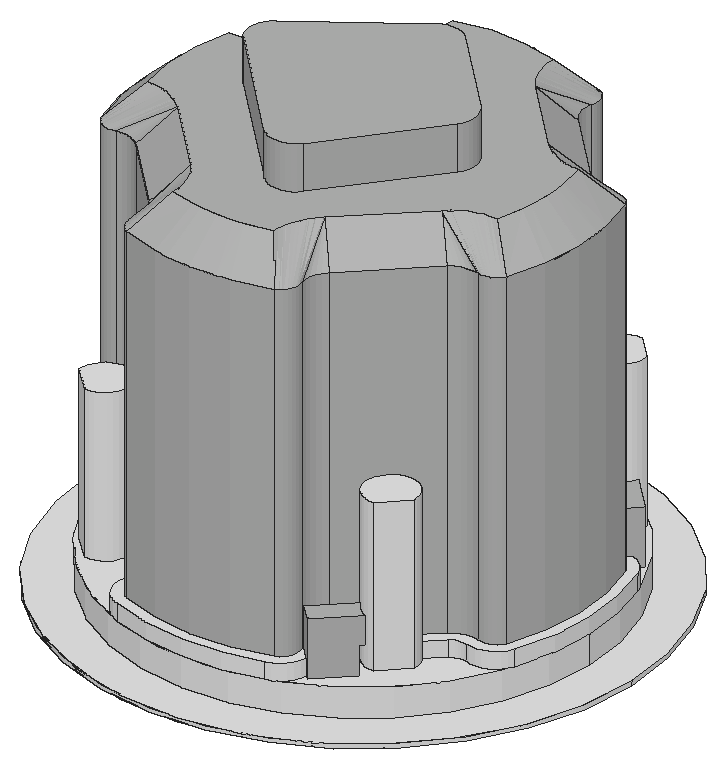
Revit family "CVS401", category Communication Devices, Revit 2020
Family settings
  Maintain Annotation Orientation = No
  Round Connector Dimension = Use Diameter
  Part Type = Normal
  Work Plane-Based = Yes
  Always vertical = No
  Cut with Voids When Loaded = Yes
  Shared = No
  Room Calculation Point = No
Parameters
  White [instance] = yes
  Weight (kg) [instance] = 2.77  # constant formula
  Thickness [instance] = 12 mm
  Taps [instance] = "25, 12.5, 6.3, 3.2"  # constant formula
  Sensitivity [instance] = 84  # constant formula
  SPL Max (Peak) [instance] = 105  # constant formula
  Power Handling (Average) [instance] = 30  # constant formula
  Model = "CVS401"
  Manufacturer = "Tannoy"
  Impedance [instance] = 8  # constant formula
  Default Elevation = 0 mm
  Black [instance] = not(White)  # no
Reference planes
  plane 1 "Center (Front/Back)": y = 0
  plane 2: z = 0
  plane 3 "Center (Left/Right)": x = 0
Forms (mm)
  Extrusion 1, solid, not visible
    sketch origin (0, 0, 0) x (1, 0, 0) y (0, 1, 0)
      loop
        line (-500, 500) -> (-500, -500) -> (500, -500) -> (500, 500) -> (-500, 500)
    from 0 to 12 <- "Thickness"
  Extrusion 2, void
    sketch origin (0, 0, 0) x (1, 0, 0) y (0, 1, 0)
      loop
        circle (0, 0) r 86
    from 0 to 12 <- "Thickness"
Cuts and joins
  Extrusion 2 cuts Extrusion 1
Lines and regions (mm)
  model lines, detail levels coarse
    curve 1: circle (0, 0, 0) r 99.899 normal (0, 0, 1)
Dimensions and locks
  aligned and locked: level to plane 2
Nested families
  nested 1: "CVS401 - base2" at (0, 0, 0), White <- "White", Thickness <- "Thickness", type "CVS401 - base2", detail levels medium+fine
    with White yes, Thickness 12 mm, Black no
Connectors
  electrical at (0.616, 0.407, 166.265)
    settings: on nested 1, index 1, voltage 0 V, apparent load 0 VA, apparent load phase1 0 VA, apparent load phase2 0 VA, apparent load phase3 0 VA, power factor 1, load classification "Other", number of poles 1, system type 14, power factor state 1, is connector primary yes, connector utility no, sub classification motor no, connector description "Speaker In - 2pin"
Definition of nested family "CVS401 - base2"
  Parameters (values of type "CVS401 - base2")
    White [instance] = yes
    Thickness [instance] = 12 mm
    Model = "CVS401"
    Manufacturer = "Tannoy"
    Default Elevation = 0 mm
    Black [instance] = not(White)  # no
  Reference planes
    plane 1 "Center (Front/Back)": y = 0
    plane 2: z = 0
    plane 3 "Center (Left/Right)": x = 0
  Dimensions and locks
    aligned and locked: level to plane 2
  Nested families
    nested 1: "CVS401 - base1 - Black" at (0, 0, 0), visible <- "Black", Thickness <- "Thickness", type "CVS401 - base1 - Black"
      with Thickness 12 mm
    nested 2: "CVS401 - base1 - White" at (0, 0, 0), visible <- "White", Thickness <- "Thickness", type "CVS401 - base1 - White"
      with Thickness 12 mm
  Definition of nested family "CVS401 - base1 - Black"
    Parameters (values of type "CVS401 - base1 - Black")
      Thickness [instance] = 12 mm
      Model = "CVS401"
      Manufacturer = "Tannoy"
      Default Elevation = 0 mm
    Reference planes
      plane 1 "Center (Front/Back)": y = 0
      plane 2: z = 0
      plane 3 "Center (Left/Right)": x = 0
      plane 4 "Driver Plane": z = -1.5
      plane 5 "Back of Can": z = 150.265
    Forms (mm)
      Extrusion 1, solid
        sketch origin (0, 0, 0) x (1, 0, 0) y (0, 1, 0)
          loop
            circle (0, 0) r 99.899
        from 0 to -1.546
      Blend 2, solid
        base sketch origin (0, 0, 0) x (1, 0, 0) y (0, 1, 0)
          loop
            circle (0, 0) r 99.899
        top sketch origin (0, 0, 0) x (1, 0, 0) y (0, 1, 0)
          loop
            circle (0, 0) r 80.6
        from -1.227 to -5.478
      Revolve 3, solid
        sketch origin (0, 0, 0) x (0, 1, 0) y (0, 0, 1)
          loop
            line (0, -5.478) -> (0, -13.608)
            arc (0, -13.608) -> (39.619, -11.742) -> (78.849, -5.901) r 393.815
            line (78.849, -5.901) -> (79.553, -5.478) -> (0, -5.478)
          axis (0, -13.608) -> (0, -5.478)
        angle from 0 to 360
      Extrusion 4, solid
        sketch origin (0, 0, 0) x (1, 0, 0) y (0, 1, 0)
          loop
            circle (0, -0.189) r 84.441
        from 0 to 10.367
      Extrusion 5, solid
        sketch origin (0, -0.246, 0) x (1, 0, 0) y (0, 1, 0)
          loop
            arc (79.473, -28.479) -> (84.441, 0.246) -> (79.344, 28.949) r 84.441
            arc (79.344, 28.949) -> (74.114, 34.749) -> (66.325, 35.331) r 10.498
            arc (66.325, 35.331) -> (63.42, 35.336) -> (60.907, 36.794) r 5.603
            line (60.907, 36.794) -> (36.566, 61.189)
            arc (36.566, 61.189) -> (35.202, 63.593) -> (35.259, 66.356) r 5.213
            arc (35.259, 66.356) -> (34.743, 74.146) -> (28.951, 79.38) r 10.396
            arc (28.951, 79.38) -> (0, 84.498) -> (-28.951, 79.38) r 84.441
            arc (-28.951, 79.38) -> (-34.743, 74.146) -> (-35.259, 66.356) r 10.396
            arc (-35.259, 66.356) -> (-35.202, 63.593) -> (-36.566, 61.189) r 5.213
            line (-36.566, 61.189) -> (-60.907, 36.794)
            arc (-60.907, 36.794) -> (-63.42, 35.336) -> (-66.325, 35.331) r 5.603
            arc (-66.325, 35.331) -> (-74.114, 34.749) -> (-79.344, 28.949) r 10.498
            arc (-79.344, 28.949) -> (-84.441, 0.246) -> (-79.473, -28.479) r 84.441
            arc (-79.473, -28.479) -> (-74.195, -34.367) -> (-66.306, -34.901) r 10.498
            arc (-66.306, -34.901) -> (-63.42, -34.9) -> (-60.92, -36.343) r 5.572
            line (-60.92, -36.343) -> (-36.57, -60.693)
            arc (-36.57, -60.693) -> (-35.215, -63.052) -> (-35.233, -65.773) r 5.213
            arc (-35.233, -65.773) -> (-34.392, -74.503) -> (-27.41, -79.811) r 10.943
            arc (-27.41, -79.811) -> (0, -84.384) -> (27.41, -79.811) r 84.441
            arc (27.41, -79.811) -> (34.392, -74.503) -> (35.233, -65.773) r 10.943
            arc (35.233, -65.773) -> (35.215, -63.052) -> (36.57, -60.693) r 5.213
            line (36.57, -60.693) -> (60.92, -36.343)
            arc (60.92, -36.343) -> (63.42, -34.9) -> (66.306, -34.901) r 5.572
            arc (66.306, -34.901) -> (74.195, -34.367) -> (79.473, -28.479) r 10.498
        from 10.367 to 16.164
      Extrusion 6, solid
        sketch origin (0, 0, 0) x (1, 0, 0) y (0, 1, 0)
          loop
            arc (75.694, -27.623) -> (80.576, 0) -> (75.694, 27.623) r 80.576
            arc (75.694, 27.623) -> (72.163, 30.742) -> (67.462, 31.055) r 7.303
            arc (67.462, 31.055) -> (62.373, 31.055) -> (57.967, 33.599) r 9.83
            line (57.967, 33.599) -> (33.597, 57.969)
            arc (33.597, 57.969) -> (31.065, 62.338) -> (31.022, 67.387) r 9.885
            arc (31.022, 67.387) -> (30.867, 72.235) -> (27.509, 75.735) r 6.769
            arc (27.509, 75.735) -> (0, 80.577) -> (-27.508, 75.735) r 80.576
            arc (-27.508, 75.735) -> (-30.867, 72.235) -> (-31.022, 67.387) r 6.769
            arc (-31.022, 67.387) -> (-31.065, 62.338) -> (-33.597, 57.969) r 9.885
            line (-33.597, 57.969) -> (-57.967, 33.599)
            arc (-57.967, 33.599) -> (-62.373, 31.055) -> (-67.462, 31.055) r 9.83
            arc (-67.462, 31.055) -> (-72.163, 30.742) -> (-75.694, 27.623) r 7.303
            arc (-75.694, 27.623) -> (-80.576, 0) -> (-75.694, -27.623) r 80.576
            arc (-75.694, -27.623) -> (-72.163, -30.742) -> (-67.462, -31.055) r 7.303
            arc (-67.462, -31.055) -> (-62.373, -31.055) -> (-57.967, -33.599) r 9.83
            line (-57.967, -33.599) -> (-33.597, -57.969)
            arc (-33.597, -57.969) -> (-31.065, -62.338) -> (-31.022, -67.387) r 9.885
            arc (-31.022, -67.387) -> (-30.867, -72.235) -> (-27.509, -75.735) r 6.769
            arc (-27.509, -75.735) -> (0, -80.576) -> (27.509, -75.735) r 80.576
            arc (27.509, -75.735) -> (30.867, -72.235) -> (31.022, -67.387) r 6.769
            arc (31.022, -67.387) -> (31.065, -62.338) -> (33.597, -57.969) r 9.885
            line (33.597, -57.969) -> (57.967, -33.599)
            arc (57.967, -33.599) -> (62.373, -31.055) -> (67.462, -31.055) r 9.83
            arc (67.462, -31.055) -> (72.163, -30.742) -> (75.694, -27.623) r 7.303
        from 16.164 to 138.478
      Blend 7, solid
        base sketch origin (0, 0, 0) x (1, 0, 0) y (0, 1, 0)
          loop
            arc (75.694, -27.623) -> (80.576, 0) -> (75.694, 27.623) r 80.576
            arc (75.694, 27.623) -> (72.163, 30.742) -> (67.462, 31.055) r 7.303
            arc (67.462, 31.055) -> (62.373, 31.055) -> (57.967, 33.599) r 9.83
            line (57.967, 33.599) -> (33.597, 57.969)
            arc (33.597, 57.969) -> (31.065, 62.338) -> (31.022, 67.387) r 9.885
            arc (31.022, 67.387) -> (30.867, 72.235) -> (27.509, 75.735) r 6.769
            arc (27.509, 75.735) -> (0, 80.577) -> (-27.508, 75.735) r 80.576
            arc (-27.508, 75.735) -> (-30.867, 72.235) -> (-31.022, 67.387) r 6.769
            arc (-31.022, 67.387) -> (-31.065, 62.338) -> (-33.597, 57.969) r 9.885
            line (-33.597, 57.969) -> (-57.967, 33.599)
            arc (-57.967, 33.599) -> (-62.373, 31.055) -> (-67.462, 31.055) r 9.83
            arc (-67.462, 31.055) -> (-72.163, 30.742) -> (-75.694, 27.623) r 7.303
            arc (-75.694, 27.623) -> (-80.576, 0) -> (-75.694, -27.623) r 80.576
            arc (-75.694, -27.623) -> (-72.163, -30.742) -> (-67.462, -31.055) r 7.303
            arc (-67.462, -31.055) -> (-62.373, -31.055) -> (-57.967, -33.599) r 9.83
            line (-57.967, -33.599) -> (-33.597, -57.969)
            arc (-33.597, -57.969) -> (-31.065, -62.338) -> (-31.022, -67.387) r 9.885
            arc (-31.022, -67.387) -> (-30.867, -72.235) -> (-27.509, -75.735) r 6.769
            arc (-27.509, -75.735) -> (0, -80.576) -> (27.509, -75.735) r 80.576
            arc (27.509, -75.735) -> (30.867, -72.235) -> (31.022, -67.387) r 6.769
            arc (31.022, -67.387) -> (31.065, -62.338) -> (33.597, -57.969) r 9.885
            line (33.597, -57.969) -> (57.967, -33.599)
            arc (57.967, -33.599) -> (62.373, -31.055) -> (67.462, -31.055) r 9.83
            arc (67.462, -31.055) -> (72.163, -30.742) -> (75.694, -27.623) r 7.303
        top sketch origin (0, 0, 0) x (1, 0, 0) y (0, 1, 0)
          loop
            arc (65.182, -18.745) -> (67.823, 0) -> (65.182, 18.745) r 67.823
            arc (65.182, 18.745) -> (56.575, 20.172) -> (49.269, 24.942) r 21.224
            line (49.269, 24.942) -> (24.912, 49.299)
            arc (24.912, 49.299) -> (20.156, 56.591) -> (18.742, 65.183) r 21.139
            arc (18.742, 65.183) -> (0, 67.823) -> (-18.742, 65.183) r 67.823
            arc (-18.742, 65.183) -> (-20.156, 56.591) -> (-24.912, 49.299) r 21.139
            line (-24.912, 49.299) -> (-49.269, 24.942)
            arc (-49.269, 24.942) -> (-56.575, 20.172) -> (-65.182, 18.745) r 21.224
            arc (-65.182, 18.745) -> (-67.823, 0) -> (-65.182, -18.745) r 67.823
            arc (-65.182, -18.745) -> (-56.575, -20.172) -> (-49.269, -24.942) r 21.224
            line (-49.269, -24.942) -> (-24.912, -49.299)
            arc (-24.912, -49.299) -> (-20.156, -56.591) -> (-18.742, -65.182) r 21.139
            arc (-18.742, -65.182) -> (0, -67.823) -> (18.742, -65.182) r 67.823
            arc (18.742, -65.182) -> (20.156, -56.591) -> (24.912, -49.299) r 21.139
            line (24.912, -49.299) -> (49.269, -24.942)
            arc (49.269, -24.942) -> (56.575, -20.172) -> (65.182, -18.745) r 21.224
        from 138.478 to 150.265
      Extrusion 8, solid
        sketch origin (34.681, 34.878, 0) x (1, 0, 0) y (0, 1, 0)
          loop
            arc (-88.438, -97.595) -> (-81.793, -82.078) -> (-96.981, -89.445) r 9.009
            line (-96.981, -89.445) -> (-88.438, -97.595)
        from 14.946 to 71.12
      Extrusion 9, solid
        sketch origin (-51.825, -178.591, 0) x (0.713265, -0.700895, 0) y (0, 0, 1)
          loop
            line (-88.596, 32) -> (-113.596, 32) -> (-113.596, 12) -> (-98.596, 12) -> (-98.596, 22) -> (-88.596, 22) -> (-88.596, 32)
        from -91.756 to -84.082
      Extrusion 10, solid
        sketch origin (-35.265, 34.295, 0) x (0, 1, 0) y (-1, 0, 0)
          loop
            arc (-88.438, -97.596) -> (-81.792, -82.077) -> (-96.982, -89.445) r 9.01
            line (-96.982, -89.445) -> (-88.438, -97.596)
        from 14.946 to 71.12
      Extrusion 11, solid
        sketch origin (178.204, -52.211, 0) x (0.700895, 0.713265, 0) y (0, 0, 1)
          loop
            line (-88.596, 32) -> (-113.596, 32) -> (-113.596, 12) -> (-98.596, 12) -> (-98.596, 22) -> (-88.596, 22) -> (-88.596, 32)
        from -91.756 to -84.082
      Extrusion 12, solid
        sketch origin (-34.681, -35.264, 0) x (-1, 0, 0) y (0, -1, 0)
          loop
            arc (-88.438, -97.596) -> (-81.792, -82.078) -> (-96.981, -89.445) r 9.01
            line (-96.981, -89.445) -> (-88.438, -97.596)
        from 14.946 to 71.12
      Extrusion 13, solid
        sketch origin (51.825, 178.205, 0) x (-0.713265, 0.700895, 0) y (0, 0, 1)
          loop
            line (-88.596, 32) -> (-113.596, 32) -> (-113.596, 12) -> (-98.596, 12) -> (-98.596, 22) -> (-88.596, 22) -> (-88.596, 32)
        from -91.756 to -84.082
      Extrusion 14, solid
        sketch origin (35.266, -34.68, 0) x (0, -1, 0) y (1, 0, 0)
          loop
            arc (-88.438, -97.595) -> (-81.793, -82.078) -> (-96.981, -89.445) r 9.009
            line (-96.981, -89.445) -> (-88.438, -97.595)
        from 14.946 to 71.12
      Extrusion 15, solid
        sketch origin (-178.203, 51.826, 0) x (-0.700895, -0.713265, 0) y (0, 0, 1)
          loop
            line (-88.596, 32) -> (-113.596, 32) -> (-113.596, 12) -> (-98.596, 12) -> (-98.596, 22) -> (-88.596, 22) -> (-88.596, 32)
        from -91.756 to -84.082
      Extrusion 16, solid
        sketch origin (0, 0, 150.265) x (0, -1, 0) y (1, 0, 0)
          loop
            arc (-10.565, -40.972) -> (-3.843, -44.661) -> (3.35, -42.002) r 9.238
            line (3.35, -42.002) -> (42.211, -3.141)
            arc (42.211, -3.141) -> (44.87, 4.051) -> (41.18, 10.774) r 9.238
            line (41.18, 10.774) -> (4.004, 38.505)
            arc (4.004, 38.505) -> (-2.063, 40.256) -> (-7.779, 37.573) r 8.964
            line (-7.779, 37.573) -> (-37.364, 7.988)
            arc (-37.364, 7.988) -> (-40.048, 2.272) -> (-38.297, -3.795) r 8.964
            line (-38.297, -3.795) -> (-10.565, -40.972)
        from 0 to 16
    Lines and regions (mm)
      model lines
        curve 1: line (55.402, 1.804, 150.265) -> (8.066, -61.652, 150.265)
        curve 2: arc (8.066, -61.652, 150.265) -> (0.701, -65.675, 150.265) -> (-7.153, -62.718, 150.265) r 10.066
        curve 3: line (-7.153, -62.718, 150.265) -> (-62.251, -7.104, 150.265)
        curve 4: arc (-62.251, -7.104, 150.265) -> (-65.148, 0.701, 150.265) -> (-61.193, 8.026, 150.265) r 10.089
        curve 5: arc (55.402, 1.804, 150.265) -> (57.371, 8.483, 150.265) -> (54.52, 14.837, 150.265) r 10.038
        curve 6: line (54.52, 14.837, 150.265) -> (15.051, 54.305, 150.265)
        curve 7: line (2.013, 55.193, 150.265) -> (-61.444, 7.858, 150.265)
        curve 8: arc (-61.444, 7.858, 150.265) -> (-65.466, 0.492, 150.265) -> (-62.509, -7.362, 150.265) r 10.066
        curve 9: arc (2.013, 55.193, 150.265) -> (8.696, 57.162, 150.265) -> (15.051, 54.305, 150.265) r 10.038
        curve 10: circle (-19.584, 1.546, 166.265) r 10.565 normal (0, 0, 1)
        curve 11: circle (1.755, -19.793, 166.265) r 10.565 normal (0, 0, -1)
    Dimensions and locks
      "Thickness": Extrusion 1 to Extrusion 9 sketch curve
      locked: Extrusion 9 sketch curve to Extrusion 9 sketch curve at 20
      locked: Extrusion 11 sketch curve to Extrusion 11 sketch curve at 20
      locked: Extrusion 13 sketch curve to Extrusion 13 sketch curve at 20
      locked: Extrusion 15 sketch curve to Extrusion 15 sketch curve at 20
      "Thickness": Extrusion 15 sketch curve to Extrusion 1
      "Thickness": Extrusion 11 sketch curve to Extrusion 1
      "Thickness": Extrusion 13 sketch curve to level
      aligned and locked: level to plane 2
    Automatic sketch dimensions
      plane 1 "Center (Front/Back)" to Blend 2 sketch curve = 0 mm  (x2)
      Blend 2 sketch curve to plane 3 "Center (Left/Right)" = 0 mm  (x2)
      plane 3 "Center (Left/Right)" to curve 7 = 2.013 mm
      curve 7 to plane 1 "Center (Front/Back)" = 55.193 mm
      plane 3 "Center (Left/Right)" to curve 6 = 15.051 mm
      curve 9 to curve 6 = 0.888 mm
      plane 3 "Center (Left/Right)" to curve 9 = 8.014 mm
      curve 6 to plane 1 "Center (Front/Back)" = 14.837 mm
      curve 7 to plane 1 "Center (Front/Back)" = 7.858 mm
      curve 5 to plane 1 "Center (Front/Back)" = 7.806 mm
      curve 1 to plane 1 "Center (Front/Back)" = 1.804 mm
      plane 1 "Center (Front/Back)" to curve 4 = 0.003 mm
      plane 1 "Center (Front/Back)" to curve 8 = 0.211 mm
      plane 1 "Center (Front/Back)" to curve 3 = 7.104 mm
      curve 2 to plane 3 "Center (Left/Right)" = 0.002 mm
      plane 3 "Center (Left/Right)" to curve 1 = 8.066 mm
      curve 2 to curve 1 = 6.019 mm
      curve 3 to plane 3 "Center (Left/Right)" = 7.153 mm
      curve 8 to curve 4 = 0.341 mm
      curve 7 to curve 8 = 6.019 mm
      curve 3 to curve 8 = 6.826 mm
      plane 3 "Center (Left/Right)" to curve 5 = 47.356 mm
      curve 5 to curve 6 = 7.164 mm
      curve 4 to curve 8 = 0.168 mm
      curve 3 to curve 8 = 0.259 mm
      Extrusion 16 sketch curve to plane 3 "Center (Left/Right)" = 3.795 mm
      Extrusion 16 sketch curve to plane 1 "Center (Front/Back)" = 38.297 mm
      plane 3 "Center (Left/Right)" to Extrusion 16 sketch curve = 1.565 mm
      Extrusion 16 sketch curve to Extrusion 16 sketch curve = 7.185 mm  (x2)
      Extrusion 16 sketch curve to plane 1 "Center (Front/Back)" = 10.565 mm
      Extrusion 16 sketch curve to plane 1 "Center (Front/Back)" = 3.16 mm
      Extrusion 16 sketch curve to plane 1 "Center (Front/Back)" = 1.356 mm
      plane 1 "Center (Front/Back)" to Extrusion 16 sketch curve = 3.35 mm
      plane 1 "Center (Front/Back)" to Extrusion 16 sketch curve = 4.004 mm
      plane 3 "Center (Left/Right)" to Extrusion 16 sketch curve = 3.369 mm
      plane 1 "Center (Front/Back)" to Extrusion 16 sketch curve = 35.657 mm
      plane 3 "Center (Left/Right)" to Extrusion 16 sketch curve = 10.774 mm
      Extrusion 16 sketch curve to Extrusion 16 sketch curve = 5.524 mm  (x2)
      Extrusion 16 sketch curve to plane 3 "Center (Left/Right)" = 3.141 mm
      Extrusion 16 sketch curve to plane 3 "Center (Left/Right)" = 35.448 mm
      plane 3 "Center (Left/Right)" to Extrusion 16 sketch curve = 31.32 mm
      plane 3 "Center (Left/Right)" to Extrusion 16 sketch curve = 7.988 mm
      Extrusion 16 sketch curve to plane 1 "Center (Front/Back)" = 7.779 mm
      plane 1 "Center (Front/Back)" to curve 2 = 55.633 mm
      curve 4 to plane 3 "Center (Left/Right)" = 55.084 mm
      curve 10 to Extrusion 16 = 19.314 mm
      curve 10 to Extrusion 16 = 20.017 mm
      curve 10 to curve 11 = 21.339 mm  (x2)
      plane 1 "Center (Front/Back)" to Extrusion 10 sketch curve = 62.687 mm
      Extrusion 10 sketch curve to Extrusion 10 sketch curve = 8.544 mm
      Extrusion 10 sketch curve to Extrusion 10 sketch curve = 0.426 mm
      plane 3 "Center (Left/Right)" to Extrusion 10 sketch curve = 62.332 mm
      Extrusion 10 sketch curve to Extrusion 10 sketch curve = 8.151 mm
      plane 3 "Center (Left/Right)" to Extrusion 12 sketch curve = 62.3 mm
      Extrusion 12 sketch curve to Extrusion 12 sketch curve = 8.543 mm
      Extrusion 12 sketch curve to Extrusion 12 sketch curve = 0.426 mm
      Extrusion 12 sketch curve to plane 1 "Center (Front/Back)" = 62.332 mm
      Extrusion 12 sketch curve to Extrusion 12 sketch curve = 8.151 mm
      Extrusion 14 sketch curve to plane 1 "Center (Front/Back)" = 62.301 mm
      Extrusion 14 sketch curve to Extrusion 14 sketch curve = 8.543 mm
      Extrusion 14 sketch curve to Extrusion 14 sketch curve = 8.969 mm
      Extrusion 14 sketch curve to plane 3 "Center (Left/Right)" = 62.329 mm
      Extrusion 14 sketch curve to Extrusion 14 sketch curve = 8.151 mm
      Extrusion 8 sketch curve to plane 3 "Center (Left/Right)" = 62.3 mm
      Extrusion 8 sketch curve to Extrusion 8 sketch curve = 8.543 mm
      Extrusion 8 sketch curve to Extrusion 8 sketch curve = 0.426 mm
      plane 1 "Center (Front/Back)" to Extrusion 8 sketch curve = 62.717 mm
      Extrusion 8 sketch curve to Extrusion 8 sketch curve = 8.151 mm
      Blend 7 sketch curve to Blend 7 sketch curve = 0 mm  (x12)
      plane 1 "Center (Front/Back)" to Blend 7 sketch curve = 24.942 mm  (x2)
      Blend 7 sketch curve to Blend 7 sketch curve = 15.008 mm  (x8)
      Blend 7 sketch curve to plane 1 "Center (Front/Back)" = 24.942 mm  (x2)
      Blend 7 sketch curve to Blend 7 sketch curve = 24.417 mm  (x2)
      Blend 7 sketch curve to Blend 7 sketch curve = 14.948 mm  (x8)
      Blend 7 sketch curve to plane 3 "Center (Left/Right)" = 0 mm  (x2)
      plane 3 "Center (Left/Right)" to Blend 7 sketch curve = 0 mm  (x2)
      plane 3 "Center (Left/Right)" to Blend 7 sketch curve = 24.912 mm  (x2)
      Blend 7 sketch curve to Blend 7 sketch curve = 24.357 mm  (x6)
      Blend 7 sketch curve to plane 1 "Center (Front/Back)" = 0 mm  (x4)
      Blend 7 sketch curve to Blend 7 sketch curve = 15.912 mm  (x2)
      Blend 7 sketch curve to Blend 7 sketch curve = 6.171 mm  (x4)
      plane 1 "Center (Front/Back)" to Blend 7 sketch curve = 24.001 mm
      Blend 7 sketch curve to plane 1 "Center (Front/Back)" = 24.001 mm  (x2)
      Blend 7 sketch curve to Blend 7 sketch curve = 4.434 mm  (x2)
      plane 1 "Center (Front/Back)" to Blend 7 sketch curve = 33.599 mm
      Blend 7 sketch curve to Blend 7 sketch curve = 6.951 mm  (x8)
      Blend 7 sketch curve to plane 1 "Center (Front/Back)" = 33.599 mm
      Blend 7 sketch curve to Blend 7 sketch curve = 24.317 mm  (x2)
      Blend 7 sketch curve to Blend 7 sketch curve = 7.004 mm  (x4)
      Blend 7 sketch curve to Blend 7 sketch curve = 8.969 mm  (x4)
      plane 3 "Center (Left/Right)" to Blend 7 sketch curve = 24.628 mm  (x2)
      Blend 7 sketch curve to Blend 7 sketch curve = 24.37 mm  (x5)
      Blend 7 sketch curve to Blend 7 sketch curve = 11.385 mm  (x2)
      Blend 7 sketch curve to Blend 7 sketch curve = 17.419 mm
      Blend 7 sketch curve to Blend 7 sketch curve = 6.976 mm  (x4)
      Blend 7 sketch curve to Blend 7 sketch curve = 11.64 mm  (x4)
      Blend 7 sketch curve to Blend 7 sketch curve = 9.599 mm  (x2)
      Blend 7 sketch curve to Blend 7 sketch curve = 6.342 mm  (x3)
      Blend 7 sketch curve to Blend 7 sketch curve = 6.394 mm  (x4)
      Blend 7 sketch curve to Blend 7 sketch curve = 2.881 mm  (x4)
      Extrusion 6 sketch curve to Extrusion 6 sketch curve = 0 mm  (x10)
      plane 1 "Center (Front/Back)" to Extrusion 6 sketch curve = 24.001 mm
      Extrusion 6 sketch curve to plane 3 "Center (Left/Right)" = 69.352 mm
      Extrusion 6 sketch curve to plane 1 "Center (Front/Back)" = 24.001 mm  (x2)
      Extrusion 6 sketch curve to Extrusion 6 sketch curve = 4.434 mm  (x2)
      plane 1 "Center (Front/Back)" to Extrusion 6 sketch curve = 33.599 mm
      Extrusion 6 sketch curve to Extrusion 6 sketch curve = 6.951 mm  (x8)
      Extrusion 6 sketch curve to plane 1 "Center (Front/Back)" = 33.599 mm
      Extrusion 6 sketch curve to Extrusion 6 sketch curve = 24.317 mm  (x2)
      Extrusion 6 sketch curve to Extrusion 6 sketch curve = 7.004 mm  (x4)
      Extrusion 6 sketch curve to Extrusion 6 sketch curve = 8.969 mm  (x4)
      Extrusion 6 sketch curve to plane 3 "Center (Left/Right)" = 0 mm
      plane 3 "Center (Left/Right)" to Extrusion 6 sketch curve = 0 mm
      plane 3 "Center (Left/Right)" to Extrusion 6 sketch curve = 24.628 mm  (x2)
      Extrusion 6 sketch curve to Extrusion 6 sketch curve = 24.37 mm  (x5)
      Extrusion 6 sketch curve to Extrusion 6 sketch curve = 11.385 mm  (x2)
      plane 1 "Center (Front/Back)" to Extrusion 6 sketch curve = 40.55 mm
      Extrusion 6 sketch curve to Extrusion 6 sketch curve = 17.419 mm
      Extrusion 6 sketch curve to Extrusion 6 sketch curve = 6.976 mm  (x4)
      Extrusion 6 sketch curve to Extrusion 6 sketch curve = 11.64 mm  (x4)
      Extrusion 6 sketch curve to Extrusion 6 sketch curve = 9.599 mm  (x2)
      Extrusion 6 sketch curve to plane 1 "Center (Front/Back)" = 0 mm  (x2)
      Extrusion 6 sketch curve to Extrusion 6 sketch curve = 6.342 mm  (x3)
      Extrusion 6 sketch curve to Extrusion 6 sketch curve = 6.394 mm  (x2)
      Extrusion 6 sketch curve to Extrusion 6 sketch curve = 2.881 mm  (x4)
      Extrusion 5 sketch curve to Extrusion 5 sketch curve = 0 mm  (x8)
      plane 1 "Center (Front/Back)" to Extrusion 5 sketch curve = 25.178 mm
      Extrusion 5 sketch curve to plane 3 "Center (Left/Right)" = 69.593 mm
      Extrusion 5 sketch curve to plane 1 "Center (Front/Back)" = 25.077 mm  (x2)
      Extrusion 5 sketch curve to Extrusion 5 sketch curve = 0.1 mm
      Extrusion 5 sketch curve to Extrusion 5 sketch curve = 4.612 mm
      Extrusion 5 sketch curve to Extrusion 5 sketch curve = 4.733 mm
      plane 1 "Center (Front/Back)" to Extrusion 5 sketch curve = 36.589 mm
      Extrusion 5 sketch curve to Extrusion 5 sketch curve = 3.94 mm  (x4)
      Extrusion 5 sketch curve to plane 1 "Center (Front/Back)" = 36.549 mm
      Extrusion 5 sketch curve to Extrusion 5 sketch curve = 3.973 mm  (x2)
      Extrusion 5 sketch curve to Extrusion 5 sketch curve = 24.625 mm
      Extrusion 5 sketch curve to Extrusion 5 sketch curve = 24.605 mm
      Extrusion 5 sketch curve to Extrusion 5 sketch curve = 3.686 mm  (x4)
      Extrusion 5 sketch curve to Extrusion 5 sketch curve = 3.69 mm  (x2)
      Extrusion 5 sketch curve to Extrusion 5 sketch curve = 11.179 mm  (x2)
      Extrusion 5 sketch curve to Extrusion 5 sketch curve = 11.737 mm  (x2)
      Extrusion 5 sketch curve to plane 3 "Center (Left/Right)" = 0 mm
      plane 3 "Center (Left/Right)" to Extrusion 5 sketch curve = 0 mm
      plane 3 "Center (Left/Right)" to Extrusion 5 sketch curve = 24.833 mm
      plane 3 "Center (Left/Right)" to Extrusion 5 sketch curve = 25.387 mm
      Extrusion 5 sketch curve to Extrusion 5 sketch curve = 24.341 mm
      Extrusion 5 sketch curve to Extrusion 5 sketch curve = 24.35 mm  (x2)
      Extrusion 5 sketch curve to Extrusion 5 sketch curve = 8.585 mm
      Extrusion 5 sketch curve to Extrusion 5 sketch curve = 8.673 mm
      plane 1 "Center (Front/Back)" to Extrusion 5 sketch curve = 40.529 mm
      Extrusion 5 sketch curve to Extrusion 5 sketch curve = 20.41 mm
      Extrusion 5 sketch curve to Extrusion 5 sketch curve = 8.483 mm  (x2)
      Extrusion 5 sketch curve to Extrusion 5 sketch curve = 11.411 mm
      plane 1 "Center (Front/Back)" to Extrusion 5 sketch curve = 0.189 mm
      Extrusion 5 sketch curve to Extrusion 5 sketch curve = 11.471 mm
      Extrusion 5 sketch curve to Extrusion 5 sketch curve = 3.951 mm  (x2)
      Extrusion 5 sketch curve to Extrusion 5 sketch curve = 24.394 mm  (x2)
      Extrusion 5 sketch curve to Extrusion 5 sketch curve = 3.682 mm  (x2)
      Extrusion 5 sketch curve to Extrusion 5 sketch curve = 8.425 mm  (x2)
      Extrusion 5 sketch curve to Extrusion 5 sketch curve = 9.851 mm  (x2)
      Extrusion 5 sketch curve to Extrusion 5 sketch curve = 9.88 mm
      Extrusion 5 sketch curve to Extrusion 5 sketch curve = 4.996 mm
      Extrusion 5 sketch curve to Extrusion 5 sketch curve = 5.023 mm
      Extrusion 5 sketch curve to Extrusion 5 sketch curve = 3.564 mm  (x2)
      Extrusion 5 sketch curve to Extrusion 5 sketch curve = 2.577 mm  (x2)
      Extrusion 5 sketch curve to Extrusion 5 sketch curve = 1.445 mm  (x2)
      Extrusion 4 sketch curve to plane 3 "Center (Left/Right)" = 0 mm
      plane 1 "Center (Front/Back)" to Extrusion 4 sketch curve = 0.189 mm
      plane 1 "Center (Front/Back)" to Extrusion 1 sketch curve = 0 mm
      Extrusion 1 sketch curve to plane 3 "Center (Left/Right)" = 0 mm
      Revolve 3 sketch curve to plane 1 "Center (Front/Back)" = 0 mm  (x2)
      Revolve 3 sketch curve to plane 1 "Center (Front/Back)" = 1.308 mm
      Revolve 3 sketch curve to plane 4 "Driver Plane" = 3.978 mm
      Revolve 3 sketch curve to Revolve 3 sketch curve = 8.13 mm
      Revolve 3 sketch curve to plane 4 "Driver Plane" = 4.401 mm
      Revolve 3 sketch curve to Revolve 3 sketch curve = 0.704 mm
      Revolve 3 sketch curve to Revolve 3 sketch curve = 0 mm  (x2)
      Revolve 3 sketch curve to Revolve 3 sketch curve = 79.553 mm
      Extrusion 9 sketch curve to Extrusion 9 sketch curve = 15 mm
      Extrusion 9 sketch curve to Extrusion 9 sketch curve = 10 mm  (x2)
      Extrusion 11 sketch curve to Extrusion 11 sketch curve = 15 mm
      Extrusion 11 sketch curve to Extrusion 11 sketch curve = 10 mm  (x2)
      Extrusion 13 sketch curve to Extrusion 13 sketch curve = 15 mm
      Extrusion 13 sketch curve to Extrusion 13 sketch curve = 10 mm  (x2)
      Extrusion 15 sketch curve to Extrusion 15 sketch curve = 15 mm
      Extrusion 15 sketch curve to Extrusion 15 sketch curve = 10 mm  (x2)
      radius of Blend 2 sketch curve = 80.6 mm
      radius of curve 10 = 10.565 mm
      radius of curve 11 = 10.565 mm
      radius of Extrusion 4 sketch curve = 84.441 mm
      radius of Extrusion 1 sketch curve = 99.899 mm
      radius of Blend 2 sketch curve = 99.899 mm
  Definition of nested family "CVS401 - base1 - White"
    Parameters (values of type "CVS401 - base1 - White")
      Thickness [instance] = 12 mm
      Model = "CVS401"
      Manufacturer = "Tannoy"
      Default Elevation = 0 mm
    Reference planes
      plane 1 "Center (Front/Back)": y = 0
      plane 2: z = 0
      plane 3 "Center (Left/Right)": x = 0
      plane 4 "Driver Plane": z = -1.5
      plane 5 "Back of Can": z = 150.265
    Forms (mm)
      Extrusion 1, solid
        sketch origin (0, 0, 0) x (1, 0, 0) y (0, 1, 0)
          loop
            circle (0, 0) r 99.899
        from 0 to -1.546
      Blend 2, solid
        base sketch origin (0, 0, 0) x (1, 0, 0) y (0, 1, 0)
          loop
            circle (0, 0) r 99.899
        top sketch origin (0, 0, 0) x (1, 0, 0) y (0, 1, 0)
          loop
            circle (0, 0) r 80.6
        from -1.227 to -5.478
      Revolve 3, solid
        sketch origin (0, 0, 0) x (0, 1, 0) y (0, 0, 1)
          loop
            line (0, -5.478) -> (0, -13.608)
            arc (0, -13.608) -> (39.619, -11.742) -> (78.849, -5.901) r 393.815
            line (78.849, -5.901) -> (79.553, -5.478) -> (0, -5.478)
          axis (0, -13.608) -> (0, -5.478)
        angle from 0 to 360
      Extrusion 4, solid
        sketch origin (0, 0, 0) x (1, 0, 0) y (0, 1, 0)
          loop
            circle (0, -0.189) r 84.441
        from 0 to 10.367
      Extrusion 5, solid
        sketch origin (0, -0.246, 0) x (1, 0, 0) y (0, 1, 0)
          loop
            arc (79.473, -28.479) -> (84.441, 0.246) -> (79.344, 28.949) r 84.441
            arc (79.344, 28.949) -> (74.114, 34.749) -> (66.325, 35.331) r 10.498
            arc (66.325, 35.331) -> (63.42, 35.336) -> (60.907, 36.794) r 5.603
            line (60.907, 36.794) -> (36.566, 61.189)
            arc (36.566, 61.189) -> (35.202, 63.593) -> (35.259, 66.356) r 5.213
            arc (35.259, 66.356) -> (34.743, 74.146) -> (28.951, 79.38) r 10.396
            arc (28.951, 79.38) -> (0, 84.498) -> (-28.951, 79.38) r 84.441
            arc (-28.951, 79.38) -> (-34.743, 74.146) -> (-35.259, 66.356) r 10.396
            arc (-35.259, 66.356) -> (-35.202, 63.593) -> (-36.566, 61.189) r 5.213
            line (-36.566, 61.189) -> (-60.907, 36.794)
            arc (-60.907, 36.794) -> (-63.42, 35.336) -> (-66.325, 35.331) r 5.603
            arc (-66.325, 35.331) -> (-74.114, 34.749) -> (-79.344, 28.949) r 10.498
            arc (-79.344, 28.949) -> (-84.441, 0.246) -> (-79.473, -28.479) r 84.441
            arc (-79.473, -28.479) -> (-74.195, -34.367) -> (-66.306, -34.901) r 10.498
            arc (-66.306, -34.901) -> (-63.42, -34.9) -> (-60.92, -36.343) r 5.572
            line (-60.92, -36.343) -> (-36.57, -60.693)
            arc (-36.57, -60.693) -> (-35.215, -63.052) -> (-35.233, -65.773) r 5.213
            arc (-35.233, -65.773) -> (-34.392, -74.503) -> (-27.41, -79.811) r 10.943
            arc (-27.41, -79.811) -> (0, -84.384) -> (27.41, -79.811) r 84.441
            arc (27.41, -79.811) -> (34.392, -74.503) -> (35.233, -65.773) r 10.943
            arc (35.233, -65.773) -> (35.215, -63.052) -> (36.57, -60.693) r 5.213
            line (36.57, -60.693) -> (60.92, -36.343)
            arc (60.92, -36.343) -> (63.42, -34.9) -> (66.306, -34.901) r 5.572
            arc (66.306, -34.901) -> (74.195, -34.367) -> (79.473, -28.479) r 10.498
        from 10.367 to 16.164
      Extrusion 6, solid
        sketch origin (0, 0, 0) x (1, 0, 0) y (0, 1, 0)
          loop
            arc (75.694, -27.623) -> (80.576, 0) -> (75.694, 27.623) r 80.576
            arc (75.694, 27.623) -> (72.163, 30.742) -> (67.462, 31.055) r 7.303
            arc (67.462, 31.055) -> (62.373, 31.055) -> (57.967, 33.599) r 9.83
            line (57.967, 33.599) -> (33.597, 57.969)
            arc (33.597, 57.969) -> (31.065, 62.338) -> (31.022, 67.387) r 9.885
            arc (31.022, 67.387) -> (30.867, 72.235) -> (27.509, 75.735) r 6.769
            arc (27.509, 75.735) -> (0, 80.577) -> (-27.508, 75.735) r 80.576
            arc (-27.508, 75.735) -> (-30.867, 72.235) -> (-31.022, 67.387) r 6.769
            arc (-31.022, 67.387) -> (-31.065, 62.338) -> (-33.597, 57.969) r 9.885
            line (-33.597, 57.969) -> (-57.967, 33.599)
            arc (-57.967, 33.599) -> (-62.373, 31.055) -> (-67.462, 31.055) r 9.83
            arc (-67.462, 31.055) -> (-72.163, 30.742) -> (-75.694, 27.623) r 7.303
            arc (-75.694, 27.623) -> (-80.576, 0) -> (-75.694, -27.623) r 80.576
            arc (-75.694, -27.623) -> (-72.163, -30.742) -> (-67.462, -31.055) r 7.303
            arc (-67.462, -31.055) -> (-62.373, -31.055) -> (-57.967, -33.599) r 9.83
            line (-57.967, -33.599) -> (-33.597, -57.969)
            arc (-33.597, -57.969) -> (-31.065, -62.338) -> (-31.022, -67.387) r 9.885
            arc (-31.022, -67.387) -> (-30.867, -72.235) -> (-27.509, -75.735) r 6.769
            arc (-27.509, -75.735) -> (0, -80.576) -> (27.509, -75.735) r 80.576
            arc (27.509, -75.735) -> (30.867, -72.235) -> (31.022, -67.387) r 6.769
            arc (31.022, -67.387) -> (31.065, -62.338) -> (33.597, -57.969) r 9.885
            line (33.597, -57.969) -> (57.967, -33.599)
            arc (57.967, -33.599) -> (62.373, -31.055) -> (67.462, -31.055) r 9.83
            arc (67.462, -31.055) -> (72.163, -30.742) -> (75.694, -27.623) r 7.303
        from 16.164 to 138.478
      Blend 7, solid
        base sketch origin (0, 0, 0) x (1, 0, 0) y (0, 1, 0)
          loop
            arc (75.694, -27.623) -> (80.576, 0) -> (75.694, 27.623) r 80.576
            arc (75.694, 27.623) -> (72.163, 30.742) -> (67.462, 31.055) r 7.303
            arc (67.462, 31.055) -> (62.373, 31.055) -> (57.967, 33.599) r 9.83
            line (57.967, 33.599) -> (33.597, 57.969)
            arc (33.597, 57.969) -> (31.065, 62.338) -> (31.022, 67.387) r 9.885
            arc (31.022, 67.387) -> (30.867, 72.235) -> (27.509, 75.735) r 6.769
            arc (27.509, 75.735) -> (0, 80.577) -> (-27.508, 75.735) r 80.576
            arc (-27.508, 75.735) -> (-30.867, 72.235) -> (-31.022, 67.387) r 6.769
            arc (-31.022, 67.387) -> (-31.065, 62.338) -> (-33.597, 57.969) r 9.885
            line (-33.597, 57.969) -> (-57.967, 33.599)
            arc (-57.967, 33.599) -> (-62.373, 31.055) -> (-67.462, 31.055) r 9.83
            arc (-67.462, 31.055) -> (-72.163, 30.742) -> (-75.694, 27.623) r 7.303
            arc (-75.694, 27.623) -> (-80.576, 0) -> (-75.694, -27.623) r 80.576
            arc (-75.694, -27.623) -> (-72.163, -30.742) -> (-67.462, -31.055) r 7.303
            arc (-67.462, -31.055) -> (-62.373, -31.055) -> (-57.967, -33.599) r 9.83
            line (-57.967, -33.599) -> (-33.597, -57.969)
            arc (-33.597, -57.969) -> (-31.065, -62.338) -> (-31.022, -67.387) r 9.885
            arc (-31.022, -67.387) -> (-30.867, -72.235) -> (-27.509, -75.735) r 6.769
            arc (-27.509, -75.735) -> (0, -80.576) -> (27.509, -75.735) r 80.576
            arc (27.509, -75.735) -> (30.867, -72.235) -> (31.022, -67.387) r 6.769
            arc (31.022, -67.387) -> (31.065, -62.338) -> (33.597, -57.969) r 9.885
            line (33.597, -57.969) -> (57.967, -33.599)
            arc (57.967, -33.599) -> (62.373, -31.055) -> (67.462, -31.055) r 9.83
            arc (67.462, -31.055) -> (72.163, -30.742) -> (75.694, -27.623) r 7.303
        top sketch origin (0, 0, 0) x (1, 0, 0) y (0, 1, 0)
          loop
            arc (65.182, -18.745) -> (67.823, 0) -> (65.182, 18.745) r 67.823
            arc (65.182, 18.745) -> (56.575, 20.172) -> (49.269, 24.942) r 21.224
            line (49.269, 24.942) -> (24.912, 49.299)
            arc (24.912, 49.299) -> (20.156, 56.591) -> (18.742, 65.183) r 21.139
            arc (18.742, 65.183) -> (0, 67.823) -> (-18.742, 65.183) r 67.823
            arc (-18.742, 65.183) -> (-20.156, 56.591) -> (-24.912, 49.299) r 21.139
            line (-24.912, 49.299) -> (-49.269, 24.942)
            arc (-49.269, 24.942) -> (-56.575, 20.172) -> (-65.182, 18.745) r 21.224
            arc (-65.182, 18.745) -> (-67.823, 0) -> (-65.182, -18.745) r 67.823
            arc (-65.182, -18.745) -> (-56.575, -20.172) -> (-49.269, -24.942) r 21.224
            line (-49.269, -24.942) -> (-24.912, -49.299)
            arc (-24.912, -49.299) -> (-20.156, -56.591) -> (-18.742, -65.182) r 21.139
            arc (-18.742, -65.182) -> (0, -67.823) -> (18.742, -65.182) r 67.823
            arc (18.742, -65.182) -> (20.156, -56.591) -> (24.912, -49.299) r 21.139
            line (24.912, -49.299) -> (49.269, -24.942)
            arc (49.269, -24.942) -> (56.575, -20.172) -> (65.182, -18.745) r 21.224
        from 138.478 to 150.265
      Extrusion 8, solid
        sketch origin (34.681, 34.878, 0) x (1, 0, 0) y (0, 1, 0)
          loop
            arc (-88.438, -97.595) -> (-81.793, -82.078) -> (-96.981, -89.445) r 9.009
            line (-96.981, -89.445) -> (-88.438, -97.595)
        from 14.946 to 71.12
      Extrusion 9, solid
        sketch origin (-51.825, -178.591, 0) x (0.713265, -0.700895, 0) y (0, 0, 1)
          loop
            line (-88.596, 32) -> (-113.596, 32) -> (-113.596, 12) -> (-98.596, 12) -> (-98.596, 22) -> (-88.596, 22) -> (-88.596, 32)
        from -91.756 to -84.082
      Extrusion 10, solid
        sketch origin (-35.265, 34.295, 0) x (0, 1, 0) y (-1, 0, 0)
          loop
            arc (-88.438, -97.596) -> (-81.792, -82.077) -> (-96.982, -89.445) r 9.01
            line (-96.982, -89.445) -> (-88.438, -97.596)
        from 14.946 to 71.12
      Extrusion 11, solid
        sketch origin (178.204, -52.211, 0) x (0.700895, 0.713265, 0) y (0, 0, 1)
          loop
            line (-88.596, 32) -> (-113.596, 32) -> (-113.596, 12) -> (-98.596, 12) -> (-98.596, 22) -> (-88.596, 22) -> (-88.596, 32)
        from -91.756 to -84.082
      Extrusion 12, solid
        sketch origin (-34.681, -35.264, 0) x (-1, 0, 0) y (0, -1, 0)
          loop
            arc (-88.438, -97.596) -> (-81.792, -82.078) -> (-96.981, -89.445) r 9.01
            line (-96.981, -89.445) -> (-88.438, -97.596)
        from 14.946 to 71.12
      Extrusion 13, solid
        sketch origin (51.825, 178.205, 0) x (-0.713265, 0.700895, 0) y (0, 0, 1)
          loop
            line (-88.596, 32) -> (-113.596, 32) -> (-113.596, 12) -> (-98.596, 12) -> (-98.596, 22) -> (-88.596, 22) -> (-88.596, 32)
        from -91.756 to -84.082
      Extrusion 14, solid
        sketch origin (35.266, -34.68, 0) x (0, -1, 0) y (1, 0, 0)
          loop
            arc (-88.438, -97.595) -> (-81.793, -82.078) -> (-96.981, -89.445) r 9.009
            line (-96.981, -89.445) -> (-88.438, -97.595)
        from 14.946 to 71.12
      Extrusion 15, solid
        sketch origin (-178.203, 51.826, 0) x (-0.700895, -0.713265, 0) y (0, 0, 1)
          loop
            line (-88.596, 32) -> (-113.596, 32) -> (-113.596, 12) -> (-98.596, 12) -> (-98.596, 22) -> (-88.596, 22) -> (-88.596, 32)
        from -91.756 to -84.082
      Extrusion 16, solid
        sketch origin (0, 0, 150.265) x (0, -1, 0) y (1, 0, 0)
          loop
            arc (-10.565, -40.972) -> (-3.843, -44.661) -> (3.35, -42.002) r 9.238
            line (3.35, -42.002) -> (42.211, -3.141)
            arc (42.211, -3.141) -> (44.87, 4.051) -> (41.18, 10.774) r 9.238
            line (41.18, 10.774) -> (4.004, 38.505)
            arc (4.004, 38.505) -> (-2.063, 40.256) -> (-7.779, 37.573) r 8.964
            line (-7.779, 37.573) -> (-37.364, 7.988)
            arc (-37.364, 7.988) -> (-40.048, 2.272) -> (-38.297, -3.795) r 8.964
            line (-38.297, -3.795) -> (-10.565, -40.972)
        from 0 to 16
    Lines and regions (mm)
      model lines
        curve 1: line (55.402, 1.804, 150.265) -> (8.066, -61.652, 150.265)
        curve 2: arc (8.066, -61.652, 150.265) -> (0.701, -65.675, 150.265) -> (-7.153, -62.718, 150.265) r 10.066
        curve 3: line (-7.153, -62.718, 150.265) -> (-62.251, -7.104, 150.265)
        curve 4: arc (-62.251, -7.104, 150.265) -> (-65.148, 0.701, 150.265) -> (-61.193, 8.026, 150.265) r 10.089
        curve 5: arc (55.402, 1.804, 150.265) -> (57.371, 8.483, 150.265) -> (54.52, 14.837, 150.265) r 10.038
        curve 6: line (54.52, 14.837, 150.265) -> (15.051, 54.305, 150.265)
        curve 7: line (2.013, 55.193, 150.265) -> (-61.444, 7.858, 150.265)
        curve 8: arc (-61.444, 7.858, 150.265) -> (-65.466, 0.492, 150.265) -> (-62.509, -7.362, 150.265) r 10.066
        curve 9: arc (2.013, 55.193, 150.265) -> (8.696, 57.162, 150.265) -> (15.051, 54.305, 150.265) r 10.038
        curve 10: circle (-19.584, 1.546, 166.265) r 10.565 normal (0, 0, 1)
        curve 11: circle (1.755, -19.793, 166.265) r 10.565 normal (0, 0, -1)
    Dimensions and locks
      "Thickness": Extrusion 1 to Extrusion 9 sketch curve
      locked: Extrusion 9 sketch curve to Extrusion 9 sketch curve at 20
      locked: Extrusion 11 sketch curve to Extrusion 11 sketch curve at 20
      locked: Extrusion 13 sketch curve to Extrusion 13 sketch curve at 20
      locked: Extrusion 15 sketch curve to Extrusion 15 sketch curve at 20
      "Thickness": Extrusion 15 sketch curve to Extrusion 1
      "Thickness": Extrusion 11 sketch curve to Extrusion 1
      "Thickness": Extrusion 13 sketch curve to level
      aligned and locked: level to plane 2
    Automatic sketch dimensions
      plane 1 "Center (Front/Back)" to Blend 2 sketch curve = 0 mm  (x2)
      Blend 2 sketch curve to plane 3 "Center (Left/Right)" = 0 mm  (x2)
      plane 3 "Center (Left/Right)" to curve 7 = 2.013 mm
      curve 7 to plane 1 "Center (Front/Back)" = 55.193 mm
      plane 3 "Center (Left/Right)" to curve 6 = 15.051 mm
      curve 9 to curve 6 = 0.888 mm
      plane 3 "Center (Left/Right)" to curve 9 = 8.014 mm
      curve 6 to plane 1 "Center (Front/Back)" = 14.837 mm
      curve 7 to plane 1 "Center (Front/Back)" = 7.858 mm
      curve 5 to plane 1 "Center (Front/Back)" = 7.806 mm
      curve 1 to plane 1 "Center (Front/Back)" = 1.804 mm
      plane 1 "Center (Front/Back)" to curve 4 = 0.003 mm
      plane 1 "Center (Front/Back)" to curve 8 = 0.211 mm
      plane 1 "Center (Front/Back)" to curve 3 = 7.104 mm
      curve 2 to plane 3 "Center (Left/Right)" = 0.002 mm
      plane 3 "Center (Left/Right)" to curve 1 = 8.066 mm
      curve 2 to curve 1 = 6.019 mm
      curve 3 to plane 3 "Center (Left/Right)" = 7.153 mm
      curve 8 to curve 4 = 0.341 mm
      curve 7 to curve 8 = 6.019 mm
      curve 3 to curve 8 = 6.826 mm
      plane 3 "Center (Left/Right)" to curve 5 = 47.356 mm
      curve 5 to curve 6 = 7.164 mm
      curve 4 to curve 8 = 0.168 mm
      curve 3 to curve 8 = 0.259 mm
      Extrusion 16 sketch curve to plane 3 "Center (Left/Right)" = 3.795 mm
      Extrusion 16 sketch curve to plane 1 "Center (Front/Back)" = 38.297 mm
      plane 3 "Center (Left/Right)" to Extrusion 16 sketch curve = 1.565 mm
      Extrusion 16 sketch curve to Extrusion 16 sketch curve = 7.185 mm  (x2)
      Extrusion 16 sketch curve to plane 1 "Center (Front/Back)" = 10.565 mm
      Extrusion 16 sketch curve to plane 1 "Center (Front/Back)" = 3.16 mm
      Extrusion 16 sketch curve to plane 1 "Center (Front/Back)" = 1.356 mm
      plane 1 "Center (Front/Back)" to Extrusion 16 sketch curve = 3.35 mm
      plane 1 "Center (Front/Back)" to Extrusion 16 sketch curve = 4.004 mm
      plane 3 "Center (Left/Right)" to Extrusion 16 sketch curve = 3.369 mm
      plane 1 "Center (Front/Back)" to Extrusion 16 sketch curve = 35.657 mm
      plane 3 "Center (Left/Right)" to Extrusion 16 sketch curve = 10.774 mm
      Extrusion 16 sketch curve to Extrusion 16 sketch curve = 5.524 mm  (x2)
      Extrusion 16 sketch curve to plane 3 "Center (Left/Right)" = 3.141 mm
      Extrusion 16 sketch curve to plane 3 "Center (Left/Right)" = 35.448 mm
      plane 3 "Center (Left/Right)" to Extrusion 16 sketch curve = 31.32 mm
      plane 3 "Center (Left/Right)" to Extrusion 16 sketch curve = 7.988 mm
      Extrusion 16 sketch curve to plane 1 "Center (Front/Back)" = 7.779 mm
      plane 1 "Center (Front/Back)" to curve 2 = 55.633 mm
      curve 4 to plane 3 "Center (Left/Right)" = 55.084 mm
      curve 10 to Extrusion 16 = 19.314 mm
      curve 10 to Extrusion 16 = 20.017 mm
      curve 10 to curve 11 = 21.339 mm  (x2)
      plane 1 "Center (Front/Back)" to Extrusion 10 sketch curve = 62.687 mm
      Extrusion 10 sketch curve to Extrusion 10 sketch curve = 8.544 mm
      Extrusion 10 sketch curve to Extrusion 10 sketch curve = 0.426 mm
      plane 3 "Center (Left/Right)" to Extrusion 10 sketch curve = 62.332 mm
      Extrusion 10 sketch curve to Extrusion 10 sketch curve = 8.151 mm
      plane 3 "Center (Left/Right)" to Extrusion 12 sketch curve = 62.3 mm
      Extrusion 12 sketch curve to Extrusion 12 sketch curve = 8.543 mm
      Extrusion 12 sketch curve to Extrusion 12 sketch curve = 0.426 mm
      Extrusion 12 sketch curve to plane 1 "Center (Front/Back)" = 62.332 mm
      Extrusion 12 sketch curve to Extrusion 12 sketch curve = 8.151 mm
      Extrusion 14 sketch curve to plane 1 "Center (Front/Back)" = 62.301 mm
      Extrusion 14 sketch curve to Extrusion 14 sketch curve = 8.543 mm
      Extrusion 14 sketch curve to Extrusion 14 sketch curve = 8.969 mm
      Extrusion 14 sketch curve to plane 3 "Center (Left/Right)" = 62.329 mm
      Extrusion 14 sketch curve to Extrusion 14 sketch curve = 8.151 mm
      Extrusion 8 sketch curve to plane 3 "Center (Left/Right)" = 62.3 mm
      Extrusion 8 sketch curve to Extrusion 8 sketch curve = 8.543 mm
      Extrusion 8 sketch curve to Extrusion 8 sketch curve = 0.426 mm
      plane 1 "Center (Front/Back)" to Extrusion 8 sketch curve = 62.717 mm
      Extrusion 8 sketch curve to Extrusion 8 sketch curve = 8.151 mm
      Blend 7 sketch curve to Blend 7 sketch curve = 0 mm  (x12)
      plane 1 "Center (Front/Back)" to Blend 7 sketch curve = 24.942 mm  (x2)
      Blend 7 sketch curve to Blend 7 sketch curve = 15.008 mm  (x8)
      Blend 7 sketch curve to plane 1 "Center (Front/Back)" = 24.942 mm  (x2)
      Blend 7 sketch curve to Blend 7 sketch curve = 24.417 mm  (x2)
      Blend 7 sketch curve to Blend 7 sketch curve = 14.948 mm  (x8)
      Blend 7 sketch curve to plane 3 "Center (Left/Right)" = 0 mm  (x2)
      plane 3 "Center (Left/Right)" to Blend 7 sketch curve = 0 mm  (x2)
      plane 3 "Center (Left/Right)" to Blend 7 sketch curve = 24.912 mm  (x2)
      Blend 7 sketch curve to Blend 7 sketch curve = 24.357 mm  (x6)
      Blend 7 sketch curve to plane 1 "Center (Front/Back)" = 0 mm  (x4)
      Blend 7 sketch curve to Blend 7 sketch curve = 15.912 mm  (x2)
      Blend 7 sketch curve to Blend 7 sketch curve = 6.171 mm  (x4)
      plane 1 "Center (Front/Back)" to Blend 7 sketch curve = 24.001 mm
      Blend 7 sketch curve to plane 1 "Center (Front/Back)" = 24.001 mm  (x2)
      Blend 7 sketch curve to Blend 7 sketch curve = 4.434 mm  (x2)
      plane 1 "Center (Front/Back)" to Blend 7 sketch curve = 33.599 mm
      Blend 7 sketch curve to Blend 7 sketch curve = 6.951 mm  (x8)
      Blend 7 sketch curve to plane 1 "Center (Front/Back)" = 33.599 mm
      Blend 7 sketch curve to Blend 7 sketch curve = 24.317 mm  (x2)
      Blend 7 sketch curve to Blend 7 sketch curve = 7.004 mm  (x4)
      Blend 7 sketch curve to Blend 7 sketch curve = 8.969 mm  (x4)
      plane 3 "Center (Left/Right)" to Blend 7 sketch curve = 24.628 mm  (x2)
      Blend 7 sketch curve to Blend 7 sketch curve = 24.37 mm  (x5)
      Blend 7 sketch curve to Blend 7 sketch curve = 11.385 mm  (x2)
      Blend 7 sketch curve to Blend 7 sketch curve = 17.419 mm
      Blend 7 sketch curve to Blend 7 sketch curve = 6.976 mm  (x4)
      Blend 7 sketch curve to Blend 7 sketch curve = 11.64 mm  (x4)
      Blend 7 sketch curve to Blend 7 sketch curve = 9.599 mm  (x2)
      Blend 7 sketch curve to Blend 7 sketch curve = 6.342 mm  (x3)
      Blend 7 sketch curve to Blend 7 sketch curve = 6.394 mm  (x4)
      Blend 7 sketch curve to Blend 7 sketch curve = 2.881 mm  (x4)
      Extrusion 6 sketch curve to Extrusion 6 sketch curve = 0 mm  (x10)
      plane 1 "Center (Front/Back)" to Extrusion 6 sketch curve = 24.001 mm
      Extrusion 6 sketch curve to plane 3 "Center (Left/Right)" = 69.352 mm
      Extrusion 6 sketch curve to plane 1 "Center (Front/Back)" = 24.001 mm  (x2)
      Extrusion 6 sketch curve to Extrusion 6 sketch curve = 4.434 mm  (x2)
      plane 1 "Center (Front/Back)" to Extrusion 6 sketch curve = 33.599 mm
      Extrusion 6 sketch curve to Extrusion 6 sketch curve = 6.951 mm  (x8)
      Extrusion 6 sketch curve to plane 1 "Center (Front/Back)" = 33.599 mm
      Extrusion 6 sketch curve to Extrusion 6 sketch curve = 24.317 mm  (x2)
      Extrusion 6 sketch curve to Extrusion 6 sketch curve = 7.004 mm  (x4)
      Extrusion 6 sketch curve to Extrusion 6 sketch curve = 8.969 mm  (x4)
      Extrusion 6 sketch curve to plane 3 "Center (Left/Right)" = 0 mm
      plane 3 "Center (Left/Right)" to Extrusion 6 sketch curve = 0 mm
      plane 3 "Center (Left/Right)" to Extrusion 6 sketch curve = 24.628 mm  (x2)
      Extrusion 6 sketch curve to Extrusion 6 sketch curve = 24.37 mm  (x5)
      Extrusion 6 sketch curve to Extrusion 6 sketch curve = 11.385 mm  (x2)
      plane 1 "Center (Front/Back)" to Extrusion 6 sketch curve = 40.55 mm
      Extrusion 6 sketch curve to Extrusion 6 sketch curve = 17.419 mm
      Extrusion 6 sketch curve to Extrusion 6 sketch curve = 6.976 mm  (x4)
      Extrusion 6 sketch curve to Extrusion 6 sketch curve = 11.64 mm  (x4)
      Extrusion 6 sketch curve to Extrusion 6 sketch curve = 9.599 mm  (x2)
      Extrusion 6 sketch curve to plane 1 "Center (Front/Back)" = 0 mm  (x2)
      Extrusion 6 sketch curve to Extrusion 6 sketch curve = 6.342 mm  (x3)
      Extrusion 6 sketch curve to Extrusion 6 sketch curve = 6.394 mm  (x2)
      Extrusion 6 sketch curve to Extrusion 6 sketch curve = 2.881 mm  (x4)
      Extrusion 5 sketch curve to Extrusion 5 sketch curve = 0 mm  (x8)
      plane 1 "Center (Front/Back)" to Extrusion 5 sketch curve = 25.178 mm
      Extrusion 5 sketch curve to plane 3 "Center (Left/Right)" = 69.593 mm
      Extrusion 5 sketch curve to plane 1 "Center (Front/Back)" = 25.077 mm  (x2)
      Extrusion 5 sketch curve to Extrusion 5 sketch curve = 0.1 mm
      Extrusion 5 sketch curve to Extrusion 5 sketch curve = 4.612 mm
      Extrusion 5 sketch curve to Extrusion 5 sketch curve = 4.733 mm
      plane 1 "Center (Front/Back)" to Extrusion 5 sketch curve = 36.589 mm
      Extrusion 5 sketch curve to Extrusion 5 sketch curve = 3.94 mm  (x4)
      Extrusion 5 sketch curve to plane 1 "Center (Front/Back)" = 36.549 mm
      Extrusion 5 sketch curve to Extrusion 5 sketch curve = 3.973 mm  (x2)
      Extrusion 5 sketch curve to Extrusion 5 sketch curve = 24.625 mm
      Extrusion 5 sketch curve to Extrusion 5 sketch curve = 24.605 mm
      Extrusion 5 sketch curve to Extrusion 5 sketch curve = 3.686 mm  (x4)
      Extrusion 5 sketch curve to Extrusion 5 sketch curve = 3.69 mm  (x2)
      Extrusion 5 sketch curve to Extrusion 5 sketch curve = 11.179 mm  (x2)
      Extrusion 5 sketch curve to Extrusion 5 sketch curve = 11.737 mm  (x2)
      Extrusion 5 sketch curve to plane 3 "Center (Left/Right)" = 0 mm
      plane 3 "Center (Left/Right)" to Extrusion 5 sketch curve = 0 mm
      plane 3 "Center (Left/Right)" to Extrusion 5 sketch curve = 24.833 mm
      plane 3 "Center (Left/Right)" to Extrusion 5 sketch curve = 25.387 mm
      Extrusion 5 sketch curve to Extrusion 5 sketch curve = 24.341 mm
      Extrusion 5 sketch curve to Extrusion 5 sketch curve = 24.35 mm  (x2)
      Extrusion 5 sketch curve to Extrusion 5 sketch curve = 8.585 mm
      Extrusion 5 sketch curve to Extrusion 5 sketch curve = 8.673 mm
      plane 1 "Center (Front/Back)" to Extrusion 5 sketch curve = 40.529 mm
      Extrusion 5 sketch curve to Extrusion 5 sketch curve = 20.41 mm
      Extrusion 5 sketch curve to Extrusion 5 sketch curve = 8.483 mm  (x2)
      Extrusion 5 sketch curve to Extrusion 5 sketch curve = 11.411 mm
      plane 1 "Center (Front/Back)" to Extrusion 5 sketch curve = 0.189 mm
      Extrusion 5 sketch curve to Extrusion 5 sketch curve = 11.471 mm
      Extrusion 5 sketch curve to Extrusion 5 sketch curve = 3.951 mm  (x2)
      Extrusion 5 sketch curve to Extrusion 5 sketch curve = 24.394 mm  (x2)
      Extrusion 5 sketch curve to Extrusion 5 sketch curve = 3.682 mm  (x2)
      Extrusion 5 sketch curve to Extrusion 5 sketch curve = 8.425 mm  (x2)
      Extrusion 5 sketch curve to Extrusion 5 sketch curve = 9.851 mm  (x2)
      Extrusion 5 sketch curve to Extrusion 5 sketch curve = 9.88 mm
      Extrusion 5 sketch curve to Extrusion 5 sketch curve = 4.996 mm
      Extrusion 5 sketch curve to Extrusion 5 sketch curve = 5.023 mm
      Extrusion 5 sketch curve to Extrusion 5 sketch curve = 3.564 mm  (x2)
      Extrusion 5 sketch curve to Extrusion 5 sketch curve = 2.577 mm  (x2)
      Extrusion 5 sketch curve to Extrusion 5 sketch curve = 1.445 mm  (x2)
      Extrusion 4 sketch curve to plane 3 "Center (Left/Right)" = 0 mm
      plane 1 "Center (Front/Back)" to Extrusion 4 sketch curve = 0.189 mm
      plane 1 "Center (Front/Back)" to Extrusion 1 sketch curve = 0 mm
      Extrusion 1 sketch curve to plane 3 "Center (Left/Right)" = 0 mm
      Revolve 3 sketch curve to plane 1 "Center (Front/Back)" = 0 mm  (x2)
      Revolve 3 sketch curve to plane 1 "Center (Front/Back)" = 1.308 mm
      Revolve 3 sketch curve to plane 4 "Driver Plane" = 3.978 mm
      Revolve 3 sketch curve to Revolve 3 sketch curve = 8.13 mm
      Revolve 3 sketch curve to plane 4 "Driver Plane" = 4.401 mm
      Revolve 3 sketch curve to Revolve 3 sketch curve = 0.704 mm
      Revolve 3 sketch curve to Revolve 3 sketch curve = 0 mm  (x2)
      Revolve 3 sketch curve to Revolve 3 sketch curve = 79.553 mm
      Extrusion 9 sketch curve to Extrusion 9 sketch curve = 15 mm
      Extrusion 9 sketch curve to Extrusion 9 sketch curve = 10 mm  (x2)
      Extrusion 11 sketch curve to Extrusion 11 sketch curve = 15 mm
      Extrusion 11 sketch curve to Extrusion 11 sketch curve = 10 mm  (x2)
      Extrusion 13 sketch curve to Extrusion 13 sketch curve = 15 mm
      Extrusion 13 sketch curve to Extrusion 13 sketch curve = 10 mm  (x2)
      Extrusion 15 sketch curve to Extrusion 15 sketch curve = 15 mm
      Extrusion 15 sketch curve to Extrusion 15 sketch curve = 10 mm  (x2)
      radius of Blend 2 sketch curve = 80.6 mm
      radius of curve 10 = 10.565 mm
      radius of curve 11 = 10.565 mm
      radius of Extrusion 4 sketch curve = 84.441 mm
      radius of Extrusion 1 sketch curve = 99.899 mm
      radius of Blend 2 sketch curve = 99.899 mm
